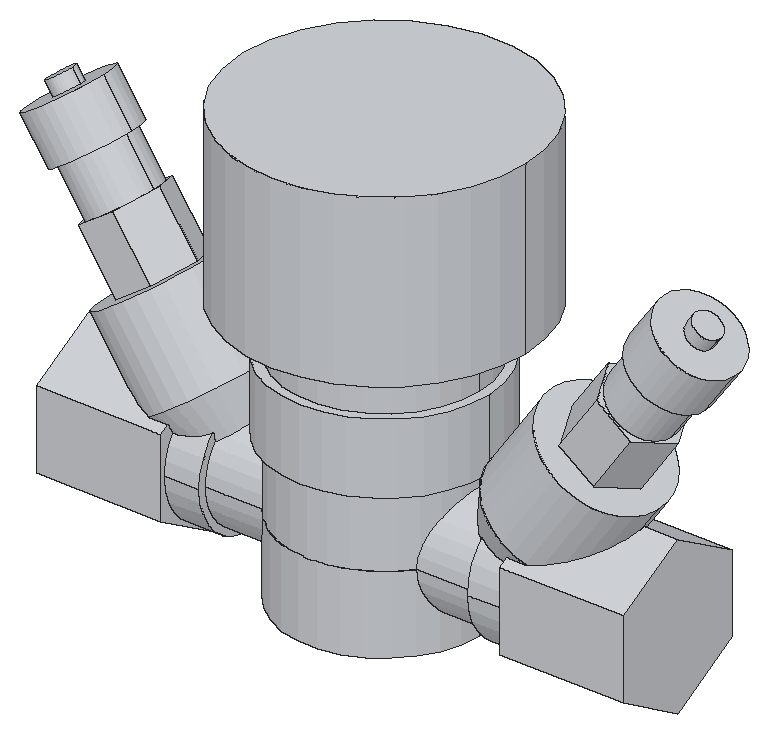
Revit family "D9525-DN15NF-RFA2018", category Pipe Accessories, Revit 2018
Family settings
  Round Connector Dimension = Use Diameter
  Part Type = Valve - Breaks Into
  Work Plane-Based = No
  Always vertical = Yes
  Cut with Voids When Loaded = No
  Shared = No
Parameters (values of type "9525 DN15 NF")
  magiProductId = "38bc2a49e75f44a19550cf5c31e8d8"
  magiProductFamilyId = "ec630ab62332464eb6277f46734e39"
  magiPartTypeId = 304
  isMeasuringValve [instance] = no
  ang2D [instance] = 0.00°
  ZZ = 10.076 mm
  ZN = 2 mm
  ZB1 = 9 mm
  ZB = 11 mm
  Z11 = 7 mm
  Z1 = 10 mm
  X0 = 18 mm
  W2D = 15 mm
  VersionID = "2.0/2019.5.23.1/VIR_9525_201"
  VIS0 = no
  V22 = 15.7 mm
  V2 = 17.8 mm
  V = 40 mm
  Use Minimum Symbol Size [instance] = no
  URL = "www.hydronix.cz"
  Type Comments = "závitový; PN10 (-10~+120°C) nebo PN20 (-10~+80°C)"
  RT = 2 mm
  RN = 11 mm
  R9 = 5 mm
  R8 = 6 mm
  R3 = 9 mm
  R2 = 8 mm
  R11 = 4.5 mm
  R1 = 9 mm
  R = 7.5 mm
  QmdConnectorList = "301;D;302;D"
  Productdata [instance] = ""
  Manufacturer = "Hydronix"
  MC Product Code = "9525 015 (D9525 DN15NF; kvs=1,83)"
  MC Piping Given Pressure Drop [instance] = 0.0 Pa
  MC Enable LOD 350 = no
  MC Enable LOD 200 = no
  MC Constant Outlet Pressure [instance] = 0.0 Pa
  L_2 = 41.5 mm
  LLDONLY = not(BBVIS)  # yes
  LLDAndHLD = and(or(LLDONLY, MC Enable LOD 350), not(BBVIS))  # yes
  LC = 9.8 mm
  L3 = 22.5 mm
  L2__ve = -L2  # -5 mm
  L2D_Min = 30.48 mm
  L2D = 83 mm
  L2 = 5 mm
  L1__ve = -L1  # -17.5 mm
  L1 = 17.5 mm
  L = 83 mm
  I4 = 26.585 mm
  I3 = 44.585 mm
  I2 = 49.5 mm
  I = 99 mm
  HBTR = 6.952 mm
  HBT3 = 6.952 mm
  HBT2 = 9.27 mm
  HBT11 = 13.099 mm
  HBT1 = 23.175 mm
  HBT = 46.35 mm
  HB = 51 mm
  ENBL350 = and(MC Enable LOD 350, not(BBVIS))  # no
  Description = "Ruční vyvažovací a 2-cestný regulační ventil závitový; bronzový; DN15NF; kvs1,83"
  DB11 = 25.65 mm
  DB1 = 29.7 mm
  DB = 27 mm
  D = 15 mm
  CenSd_RN_6 = RN * cos(30.00°)  # 9.526 mm
  CenSd_R8_6 = R8 * cos(30.00°)  # 5.196 mm
  CAT0 = yes
  CAT = no
  BBVIS = MC Enable LOD 200  # no
Types (4, lengths in mm): name | magiProductId | ZZ | ZB1 | ZB | Z11 | Z1 | W2D | RN | R3 | R2 | R | MC Product Code | L_2 | L2D | L | I4 | I3 | I2 | I | HBTR | HBT3 | HBT2 | HBT11 | HBT1 | HBT | HB | Description | DB11 | DB1 | DB | D | CenSd_RN_6
  9525 DN15 NF | "38bc2a49e75f44a19550cf5c31e8d8" | 10.076 | 9 | 11 | 7 | 10 | 15 | 11 | 9 | 8 | 7.5 | "9525 015 (D9525 DN15NF; kvs=1,83)" | 41.5 | 83 | 83 | 26.585 | 44.585 | 49.5 | 99 | 6.952 | 6.952 | 9.27 | 13.099 | 23.175 | 46.35 | 51 | "Ruční vyvažovací a 2-cestný regulační ventil závitový; bronzový; DN15NF; kvs1,83" | 25.65 | 29.7 | 27 | 15 | 9.526
  9525 DN15 LF | "0f0d3c44fff84d33bcc3edb98b3d66" | 10.076 | 9 | 11 | 7 | 10 | 15 | 11 | 9 | 8 | 7.5 | "9525 014 (D9525 DN15LF; kvs=0,86)" | 41.5 | 83 | 83 | 26.585 | 44.585 | 49.5 | 99 | 6.952 | 6.952 | 9.27 | 13.099 | 23.175 | 46.35 | 51 | "Ruční vyvažovací a 2-cestný regulační ventil závitový; bronzový; DN15LF; kvs0,86" | 25.65 | 29.7 | 27 | 15 | 9.526
  9525 DN20 | "da587af331304b45b3ec03b8fa0f34" | 11.213 | 12.667 | 14.667 | 7 | 10 | 20 | 14.667 | 12 | 10.667 | 10 | "9525 020 (D9525 DN20; kvs=3,47)" | 45 | 90 | 90 | 29.585 | 47.585 | 52.5 | 105 | 7.737 | 7.737 | 10.316 | 14.577 | 25.79 | 51.58 | 51 | "Ruční vyvažovací a 2-cestný regulační ventil závitový; bronzový; DN20; kvs3,47" | 27.813 | 32.205 | 29.277 | 20 | 12.702
  9525 DN25 | "1f5bab54bc3c45cdac322ce9a95cfe" | 11.971 | 16.333 | 18.333 | 9.745 | 13.922 | 25 | 18.333 | 15 | 13.333 | 12.5 | "9525 025 (D9525 DN25; kvs=6,30)" | 49 | 98 | 98 | 31.585 | 49.585 | 54.5 | 109 | 8.26 | 8.26 | 11.013 | 15.562 | 27.533 | 55.067 | 71 | "Ruční vyvažovací a 2-cestný regulační ventil závitový; bronzový; DN25; kvs6,30" | 30.286 | 35.067 | 31.88 | 25 | 15.877
Reference planes
  plane 1 "Center (Front/Back)": y = 0
  plane 2 "XYPLANE": z = 0
  plane 3 "Center (Left/Right)": x = 0
  plane 4 "506": x = -2.2
  plane 5 "476": through (-590.585, 0, 438.436) normal (0.5736, 0, 0.8192)
  plane 6 "473": through (-638.143, 0, -421.929) normal (-0.5736, 0, 0.8192)
  plane 7 "470": z = -9
  plane 8 "442": x = 49.5
  plane 9 "441": x = -49.5
  plane 10 "440": y = 20
  plane 11 "439": y = -20
  plane 12 "438": z = -11
  plane 13 "436": through (-569.779, 0, 468.15) normal (0.5736, 0, 0.8192)
  plane 14 "435": through (-573.767, 0, 462.455) normal (0.5736, 0, 0.8192)
  plane 15 "434": through (-577.754, 0, 456.76) normal (0.5736, 0, 0.8192)
  plane 16 "433": through (-583.071, 0, 449.166) normal (0.5736, 0, 0.8192)
  plane 17 "422": through (-658.949, 0, -392.215) normal (-0.5736, 0, 0.8192)
  plane 18 "419": through (-654.961, 0, -397.91) normal (-0.5736, 0, 0.8192)
  plane 19 "416": through (-650.974, 0, -403.605) normal (-0.5736, 0, 0.8192)
  plane 20 "413": through (-645.657, 0, -411.199) normal (-0.5736, 0, 0.8192)
  plane 21 "400": z = 35.2
  plane 22 "397": z = 33.2
  plane 23 "396": z = 51
  plane 24 "395": z = 27
  plane 25 "394": x = -20
  plane 26 "393": x = -0.2
  plane 27 "390": z = 20
  plane 28 "387": z = 10
  plane 29 "369": x = -18
  plane 30 "368": x = 18
  plane 31 "364": z = -11
  plane 32 "356": y = 0
  plane 33 "355": through (-448.182, 0, 614.364) normal (0.8192, 0, 0.5736)
  plane 34 "353": through (-632.364, 0, -430.182) normal (-0.5736, 0, 0.8192)
  plane 35 "328": y = 0
  plane 36 "157": x = 19
  plane 37 "70": through (-596.364, 0, 430.182) normal (0.5736, 0, 0.8192)
  plane 38 "68": through (448.182, 0, 614.364) normal (0.8192, 0, -0.5736)
  plane 39 "21": x = -19
  plane 40 "20": x = 24
  plane 41 "19": x = -24
  plane 42 "13": x = 0
  plane 43 "11": x = 41.5
  plane 44 "10": x = -41.5
  plane 45 "9": y = 0
  plane 46 "8": z = 0
  plane 47 "340XY": through (-632.364, 0, -430.182) normal (-0.5736, 0, 0.8192)
  plane 48 "340XZ": y = 0
  plane 49 "340YZ": through (-448.182, 0, 614.364) normal (0.8192, 0, 0.5736)
  plane 50 "65XY": through (-596.364, 0, 430.182) normal (0.5736, 0, 0.8192)
  plane 51 "65XZ": y = 0
  plane 52 "65YZ": through (448.182, 0, 614.364) normal (0.8192, 0, -0.5736)
Forms (mm)
  Extrusion 1, solid, visible <- "LLDAndHLD"
    sketch origin (-583.071, 0, 449.166) x (0.819152, 0, -0.573576) y (0, 1, 0)
      loop
        line (756, 0) -> (753, 5.196) -> (747, 5.196) -> (744, 0) -> (747, -5.196) -> (753, -5.196) -> (756, 0)
    from 0 to 9.27 <- "HBT2"
  Extrusion 2, solid, visible <- "LLDAndHLD"
    sketch origin (-645.657, 0, -411.199) x (0.819152, 0, 0.573576) y (0, 1, 0)
      loop
        line (756, 0) -> (753, 5.196) -> (747, 5.196) -> (744, 0) -> (747, -5.196) -> (753, -5.196) -> (756, 0)
    from 0 to 9.27 <- "HBT2"
  Blend 3, solid, visible <- "LLDAndHLD"
    base sketch origin (-596.364, 0, 430.182) x (0.819152, 0, -0.573576) y (0, 1, 0)
      loop
        circle (750, 0) r 4.5
    top sketch origin (-596.364, 0, 430.182) x (0.819152, 0, -0.573576) y (0, 1, 0)
      loop
        circle (750, 0) r 9
    from 0 to 10.076
  Blend 4, solid, visible <- "LLDAndHLD"
    base sketch origin (-638.143, 0, -421.929) x (0.819152, 0, 0.573576) y (0, 1, 0)
      loop
        circle (750, 0) r 9
    top sketch origin (-638.143, 0, -421.929) x (0.819152, 0, 0.573576) y (0, 1, 0)
      loop
        circle (750, 0) r 4.5
    from 0 to -10.076
  Blend 5, solid, visible <- "ENBL350"
    base sketch origin (-750, 0, -9) x (1, 0, 0) y (0, 1, 0)
      loop
        circle (750, 0) r 13.5
    top sketch origin (-750, 0, -9) x (1, 0, 0) y (0, 1, 0)
      loop
        circle (750, 0) r 12.825
    from 0 to -2
  Extrusion 6, solid, visible <- "ENBL350"
    sketch origin (-750, 0, -9) x (1, 0, 0) y (0, 1, 0)
      loop
        circle (750, 0) r 13.5
    from 0 to 9 <- "ZB1"
  Blend 7, solid, visible <- "BBVIS"
    base sketch origin (-750, 0, -11) x (1, 0, 0) y (0, 1, 0)
      loop
        line (700.5, -20) -> (799.5, -20) -> (799.5, 20) -> (700.5, 20) -> (700.5, -20)
    top sketch origin (-750, 0, -11) x (1, 0, 0) y (0, 1, 0)
      loop
        line (700.5, -20) -> (799.5, -20) -> (799.5, 20) -> (700.5, 20) -> (700.5, -20)
    from 0 to 62
  Blend 8, solid, visible <- "LLDONLY"
    base sketch origin (-750, 0, 27) x (1, 0, 0) y (0, 1, 0)
      loop
        circle (750, 0) r 20
    top sketch origin (-750, 0, 27) x (1, 0, 0) y (0, 1, 0)
      loop
        circle (750, 0) r 20
    from 0 to 24
  Extrusion 9, solid, visible <- "LLDAndHLD"
    sketch origin (-590.585, 0, 438.436) x (0.819152, 0, -0.573576) y (0, 1, 0)
      loop
        circle (750, 0) r 9
    from 0 to 13.099 <- "HBT11"
  Extrusion 10, solid, visible <- "LLDAndHLD"
    sketch origin (-577.754, 0, 456.76) x (0.819152, 0, -0.573576) y (0, 1, 0)
      loop
        circle (750, 0) r 5
    from 0 to 6.952 <- "HBT3"
  Extrusion 11, solid, visible <- "LLDAndHLD"
    sketch origin (-573.767, 0, 462.455) x (0.819152, 0, -0.573576) y (0, 1, 0)
      loop
        circle (750, 0) r 6
    from 0 to 6.952 <- "HBTR"
  Extrusion 12, solid, visible <- "LLDAndHLD"
    sketch origin (-569.779, 0, 468.15) x (0.819152, 0, -0.573576) y (0, 1, 0)
      loop
        circle (750, 0) r 2
    from 0 to 2
  Extrusion 13, solid, visible <- "LLDAndHLD"
    sketch origin (-658.949, 0, -392.215) x (0.819152, 0, 0.573576) y (0, 1, 0)
      loop
        circle (750, 0) r 2
    from 0 to 2
  Extrusion 14, solid, visible <- "LLDAndHLD"
    sketch origin (-654.961, 0, -397.91) x (0.819152, 0, 0.573576) y (0, 1, 0)
      loop
        circle (750, 0) r 6
    from 0 to 6.952 <- "HBTR"
  Extrusion 15, solid, visible <- "LLDAndHLD"
    sketch origin (-650.974, 0, -403.605) x (0.819152, 0, 0.573576) y (0, 1, 0)
      loop
        circle (750, 0) r 5
    from 0 to 6.952 <- "HBT3"
  Extrusion 16, solid, visible <- "LLDAndHLD"
    sketch origin (-638.143, 0, -421.929) x (0.819152, 0, 0.573576) y (0, 1, 0)
      loop
        circle (750, 0) r 9
    from 0 to 13.099 <- "HBT11"
  Revolve 17, solid, visible <- "ENBL350"
    sketch origin (-0.2, 0, 27) x (0, 0, -1) y (1, 0, 0)
      loop
        line (0, 0) -> (-24, 0) -> (-24, -2) -> (-24, -4.1)
        arc (-24, -4.1) -> (-19.402, -15.202) -> (-8.3, -19.8) r 15.7
        line (-8.3, -19.8) -> (0, -19.8) -> (0, -2) -> (0, 0)
      axis (-24, 0.2) -> (0, 0.2)
    angle from 0 to -360
  Extrusion 18, solid, visible <- "LLDAndHLD"
    sketch origin (-750, 0, 20) x (1, 0, 0) y (0, 1, 0)
      loop
        circle (750, 0) r 13.5
    from 0 to 7 <- "Z11"
  Extrusion 19, solid, visible <- "LLDAndHLD"
    sketch origin (-750, 0, 10) x (1, 0, 0) y (0, 1, 0)
      loop
        circle (750, 0) r 14.85
    from 0 to 10 <- "Z1"
  Blend 20, solid, visible <- "LLDAndHLD"
    base sketch origin (-19, -750, 0) x (0, 1, 0) y (0, 0, 1)
      loop
        circle (750, 0) r 8
    top sketch origin (-19, -750, 0) x (0, 1, 0) y (0, 0, 1)
      loop
        circle (750, 0) r 8
    from 0 to 38
  Extrusion 21, solid, visible <- "LLDAndHLD"
    sketch origin (-750, 0, 0) x (1, 0, 0) y (0, 1, 0)
      loop
        circle (750, 0) r 13.5
    from 0 to 10 <- "Z1"
  Extrusion 22, solid, visible <- "LLDONLY"
    sketch origin (-750, 0, -11) x (1, 0, 0) y (0, 1, 0)
      loop
        circle (750, 0) r 13.5
    from 0 to 11 <- "ZB"
  Extrusion 23, solid, visible <- "LLDAndHLD"
    sketch origin (19, -750, 0) x (0, 1, 0) y (0, 0, 1)
      loop
        circle (750, 0) r 9
    from 0 to 5 <- "L2"
  Extrusion 24, solid, visible <- "LLDAndHLD"
    sketch origin (-19, -750, 0) x (0, 1, 0) y (0, 0, 1)
      loop
        circle (750, 0) r 9
    from 0 to -5 <- "L2__ve"
  Extrusion 25, solid, visible <- "LLDAndHLD"
    sketch origin (41.5, -750, 0) x (0, 1, 0) y (0, 0, 1)
      loop
        line (750, 11) -> (740.474, 5.5) -> (740.474, -5.5) -> (750, -11) -> (759.526, -5.5) -> (759.526, 5.5) -> (750, 11)
    from 0 to -17.5 <- "L1__ve"
  Extrusion 26, solid, visible <- "LLDAndHLD"
    sketch origin (-41.5, -750, 0) x (0, 1, 0) y (0, 0, 1)
      loop
        line (750, 11) -> (740.474, 5.5) -> (740.474, -5.5) -> (750, -11) -> (759.526, -5.5) -> (759.526, 5.5) -> (750, 11)
    from 0 to 17.5 <- "L1"
  Extrusion 27, solid, not visible
    sketch origin (41.5, -750, 0) x (0, 1, 0) y (0, 0, 1)
      loop
        circle (750, 0) r 10
    from 0 to -10
  Extrusion 28, solid, not visible
    sketch origin (-41.5, -750, 0) x (0, 1, 0) y (0, 0, 1)
      loop
        circle (750, 0) r 10
    from 0 to 10
Lines and regions (mm)
  reference lines, not visible
    curve 1: circle (2, 2, 0) r 1 normal (0, 0, 1)
  reference lines
    curve 2: line (31.293, 0, 18.984) -> (30.064, 2.598, 19.844)
    curve 3: line (31.293, 0, 18.984) -> (28.835, 0, 20.704)
    curve 4: line (31.293, 0, 18.984) -> (30.064, -2.598, 19.844)
    curve 5: line (-31.293, 0, 18.984) -> (-32.521, 2.598, 18.123)
    curve 6: line (-31.293, 0, 18.984) -> (-33.75, 0, 17.263)
    curve 7: line (-31.293, 0, 18.984) -> (-32.521, -2.598, 18.123)
    curve 8: line (41.5, 0, 0) -> (41.5, -4.763, -2.75)
    curve 9: line (41.5, 0, 0) -> (41.5, 0, -5.5)
    curve 10: line (41.5, 0, 0) -> (41.5, 4.763, -2.75)
    curve 11: line (-41.5, 0, 0) -> (-41.5, 4.763, -2.75)
    curve 12: line (-41.5, 0, 0) -> (-41.5, 0, -5.5)
    curve 13: line (-41.5, 0, 0) -> (-41.5, -4.763, -2.75)
Dimensions and locks
  plane 1 "Center (Front/Back)" to curve 1 = 2 mm
  locked: plane 26 "393" to plane 4 "506" at 2
  "ZZ": plane 37 "70" to plane 5 "476"
  "ZZ": plane 34 "353" to plane 6 "473"
  locked: plane 31 "364" to plane 7 "470" at 2
  "I2": plane 42 "13" to plane 8 "442"
  "I2": plane 42 "13" to plane 9 "441"
  "V": plane 11 "439" to plane 10 "440"
  locked: plane 45 "9" to plane 11 "439" at 20
  "RN": plane 46 "8" to plane 12 "438"
  "HBTR": plane 14 "435" to plane 13 "436"
  "HBT3": plane 15 "434" to plane 14 "435"
  "HBT2": plane 16 "433" to plane 15 "434"
  "HBT1": plane 37 "70" to plane 16 "433"
  "HBTR": plane 18 "419" to plane 17 "422"
  "HBT3": plane 19 "416" to plane 18 "419"
  "HBT2": plane 20 "413" to plane 19 "416"
  "HBT1": plane 34 "353" to plane 20 "413"
  "ZN": plane 22 "397" to plane 21 "400"
  "V2": plane 23 "396" to plane 22 "397"
  "HB": plane 2 "XYPLANE" to plane 23 "396"
  "Z11": plane 27 "390" to plane 24 "395"
  "V2": plane 4 "506" to plane 25 "394"
  locked: plane 42 "13" to plane 26 "393" at 0.2
  "Z1": plane 28 "387" to plane 27 "390"
  "Z1": plane 2 "XYPLANE" to plane 28 "387"
  "X0": plane 3 "Center (Left/Right)" to plane 29 "369"
  "X0": plane 3 "Center (Left/Right)" to plane 30 "368"
  "ZB": plane 2 "XYPLANE" to plane 31 "364"
  locked: plane 45 "9" to plane 32 "356"
  locked: plane 49 "340YZ" to plane 33 "355"
  locked: plane 47 "340XY" to plane 34 "353" at 0
  locked: plane 45 "9" to plane 35 "328"
  "L2": plane 40 "20" to plane 36 "157"
  locked: plane 50 "65XY" to plane 37 "70"
  locked: plane 52 "65YZ" to plane 38 "68"
  "L2": plane 41 "19" to plane 39 "21"
  "L1": plane 43 "11" to plane 40 "20"
  "L1": plane 44 "10" to plane 41 "19"
  locked: plane 3 "Center (Left/Right)" to plane 42 "13"
  "L_2": plane 3 "Center (Left/Right)" to plane 43 "11"
  "L_2": plane 3 "Center (Left/Right)" to plane 44 "10"
  locked: plane 1 "Center (Front/Back)" to plane 45 "9"
  locked: plane 2 "XYPLANE" to plane 46 "8"
  "CenSd_R8_6": curve 2 to Extrusion 1 sketch curve  (x2)
  "CenSd_R8_6": curve 3 to Extrusion 1 sketch curve  (x2)
  "CenSd_R8_6": curve 4 to Extrusion 1 sketch curve  (x2)
  Extrusion 1 sketch curve to Extrusion 1 sketch curve = 0 mm  (x12)
  "CenSd_R8_6": curve 5 to Extrusion 2 sketch curve  (x2)
  "CenSd_R8_6": curve 6 to Extrusion 2 sketch curve  (x2)
  "CenSd_R8_6": curve 7 to Extrusion 2 sketch curve  (x2)
  Extrusion 2 sketch curve to Extrusion 2 sketch curve = 0 mm  (x12)
  Blend 7 sketch curve to Blend 7 sketch curve = 0 mm  (x16)
  Revolve 17 sketch curve to Revolve 17 sketch curve = 0 mm  (x14)
  "CenSd_RN_6": curve 8 to Extrusion 25 sketch curve  (x2)
  "CenSd_RN_6": curve 9 to Extrusion 25 sketch curve  (x2)
  "CenSd_RN_6": curve 10 to Extrusion 25 sketch curve  (x2)
  Extrusion 25 sketch curve to Extrusion 25 sketch curve = 0 mm  (x12)
  "CenSd_RN_6": curve 11 to Extrusion 26 sketch curve  (x2)
  "CenSd_RN_6": curve 12 to Extrusion 26 sketch curve  (x2)
  "CenSd_RN_6": curve 13 to Extrusion 26 sketch curve  (x2)
  Extrusion 26 sketch curve to Extrusion 26 sketch curve = 0 mm  (x12)
  "R1": radius of Blend 3 sketch curve
  "R11": radius of Blend 3 sketch curve
  "R11": radius of Blend 4 sketch curve
  "R1": radius of Blend 4 sketch curve
  "DB11": diameter of Blend 5 sketch curve
  "DB": diameter of Blend 5 sketch curve
  "DB": diameter of Extrusion 6 sketch curve
  "V": diameter of Blend 8 sketch curve  (x2)
  "R1": radius of Extrusion 9 sketch curve
  "R9": radius of Extrusion 10 sketch curve
  "R8": radius of Extrusion 11 sketch curve
  "RT": radius of Extrusion 12 sketch curve
  "RT": radius of Extrusion 13 sketch curve
  "R8": radius of Extrusion 14 sketch curve
  "R9": radius of Extrusion 15 sketch curve
  "R1": radius of Extrusion 16 sketch curve
  "V22": radius of Revolve 17 sketch curve
  "DB": diameter of Extrusion 18 sketch curve
  "DB1": diameter of Extrusion 19 sketch curve
  "R2": radius of Blend 20 sketch curve  (x2)
  "DB": diameter of Extrusion 21 sketch curve
  "DB": diameter of Extrusion 22 sketch curve
  "R3": radius of Extrusion 23 sketch curve
  "R3": radius of Extrusion 24 sketch curve
  locked: curve 3 to curve 2 (angle 60.00°)
  locked: curve 4 to curve 3 (angle 60.00°)
  locked: curve 4 to curve 2 (angle 120.00°)
  locked: curve 6 to curve 5 (angle 60.00°)
  locked: curve 7 to curve 6 (angle 60.00°)
  locked: curve 7 to curve 5 (angle 120.00°)
  locked: curve 9 to curve 8 (angle 60.00°)
  locked: curve 10 to curve 9 (angle 60.00°)
  locked: curve 10 to curve 8 (angle 120.00°)
  locked: curve 12 to curve 11 (angle 60.00°)
  locked: curve 13 to curve 12 (angle 60.00°)
  locked: curve 13 to curve 11 (angle 120.00°)
  aligned and locked: level to plane 2 "XYPLANE"
  aligned and locked: curve 2 to plane 38 "68"
  aligned and locked: plane 35 "328" to curve 3
  aligned and locked: curve 5 to plane 33 "355"
  aligned and locked: plane 32 "356" to curve 6
  aligned and locked: plane 35 "328" to Blend 3 sketch curve  (x2)
  aligned and locked: Blend 3 sketch curve to plane 38 "68"  (x2)
  aligned and locked: plane 5 "476" to Blend 3
  aligned and locked: plane 32 "356" to Blend 4 sketch curve  (x2)
  aligned and locked: Blend 4 sketch curve to plane 33 "355"  (x2)
  aligned and locked: Blend 4 to plane 34 "353"
  aligned and locked: plane 42 "13" to Blend 5 sketch curve  (x2)
  aligned and locked: plane 45 "9" to Blend 5 sketch curve  (x2)
  aligned and locked: Blend 5 to plane 31 "364"
  aligned and locked: plane 42 "13" to Extrusion 6 sketch curve
  aligned and locked: plane 45 "9" to Extrusion 6 sketch curve
  aligned and locked: plane 9 "441" to Blend 7 sketch curve  (x4)
  aligned and locked: plane 11 "439" to Blend 7 sketch curve  (x4)
  aligned and locked: plane 10 "440" to Blend 7 sketch curve  (x4)
  aligned and locked: plane 8 "442" to Blend 7 sketch curve  (x4)
  aligned and locked: plane 23 "396" to Blend 7
  aligned and locked: plane 42 "13" to Blend 8 sketch curve  (x2)
  aligned and locked: plane 45 "9" to Blend 8 sketch curve  (x2)
  aligned and locked: plane 23 "396" to Blend 8
  aligned and locked: plane 35 "328" to Extrusion 9 sketch curve
  aligned and locked: Extrusion 9 sketch curve to plane 38 "68"
  aligned and locked: plane 35 "328" to Extrusion 10 sketch curve
  aligned and locked: Extrusion 10 sketch curve to plane 38 "68"
  aligned and locked: plane 35 "328" to Extrusion 11 sketch curve
  aligned and locked: Extrusion 11 sketch curve to plane 38 "68"
  aligned and locked: plane 35 "328" to Extrusion 12 sketch curve
  aligned and locked: Extrusion 12 sketch curve to plane 38 "68"
  aligned and locked: plane 32 "356" to Extrusion 13 sketch curve
  aligned and locked: Extrusion 13 sketch curve to plane 33 "355"
  aligned and locked: plane 32 "356" to Extrusion 14 sketch curve
  aligned and locked: Extrusion 14 sketch curve to plane 33 "355"
  aligned and locked: plane 32 "356" to Extrusion 15 sketch curve
  aligned and locked: Extrusion 15 sketch curve to plane 33 "355"
  aligned and locked: plane 32 "356" to Extrusion 16 sketch curve
  aligned and locked: Extrusion 16 sketch curve to plane 33 "355"
  aligned and locked: plane 26 "393" to Revolve 17 sketch curve  (x2)
  aligned and locked: plane 24 "395" to Revolve 17 sketch curve  (x3)
  aligned and locked: plane 23 "396" to Revolve 17 sketch curve  (x3)
  aligned and locked: plane 4 "506" to Revolve 17 sketch curve  (x2)
  aligned and locked: Revolve 17 sketch curve to plane 25 "394"
  aligned and locked: plane 25 "394" to Revolve 17 sketch curve
  aligned and locked: Revolve 17 sketch curve to plane 24 "395"
  aligned and locked: plane 42 "13" to Extrusion 18 sketch curve
  aligned and locked: plane 45 "9" to Extrusion 18 sketch curve
  aligned and locked: plane 42 "13" to Extrusion 19 sketch curve
  aligned and locked: plane 45 "9" to Extrusion 19 sketch curve
  aligned and locked: Blend 20 sketch curve to plane 45 "9"  (x2)
  aligned and locked: plane 46 "8" to Blend 20 sketch curve  (x2)
  aligned and locked: plane 36 "157" to Blend 20
  aligned and locked: plane 42 "13" to Extrusion 21 sketch curve
  aligned and locked: plane 45 "9" to Extrusion 21 sketch curve
  aligned and locked: plane 42 "13" to Extrusion 22 sketch curve
  aligned and locked: plane 45 "9" to Extrusion 22 sketch curve
  aligned and locked: Extrusion 23 sketch curve to plane 45 "9"
  aligned and locked: plane 46 "8" to Extrusion 23 sketch curve
  aligned and locked: Extrusion 24 sketch curve to plane 45 "9"
  aligned and locked: plane 46 "8" to Extrusion 24 sketch curve
  aligned and locked: curve 10 to plane 45 "9"
  aligned and locked: plane 46 "8" to curve 10
  aligned and locked: curve 13 to plane 45 "9"
  aligned and locked: plane 46 "8" to curve 13
  aligned and locked: Extrusion 27 sketch curve to plane 45 "9"
  aligned and locked: plane 46 "8" to Extrusion 27 sketch curve
  aligned and locked: Extrusion 28 sketch curve to plane 45 "9"
  aligned and locked: plane 46 "8" to Extrusion 28 sketch curve
  aligned and locked: plane 42 "13" to nested 1
  aligned and locked: plane 45 "9" to nested 1
Automatic sketch dimensions
  plane 1 "Center (Front/Back)" to Extrusion 27 sketch curve = 10 mm
  plane 1 "Center (Front/Back)" to Extrusion 28 sketch curve = 10 mm
  plane 3 "Center (Left/Right)" to curve 1 = 2 mm
  Revolve 17 sketch curve to plane 3 "Center (Left/Right)" = 0 mm
  radius of curve 1 = 1 mm
Nested families
  nested 1: "2_RadialArray" at (0, 0, 35.2), LC <- "LC", type "Family21"
    with X 11 mm, StartAngle 90.00°, SW 5 mm, SH 13 mm, NumberOfObjects 6, ModelLinesVisible no, LC 9.8 mm, ArcAngle 360.00°
Connectors
  piping at (-41.5, 0, 0), diameter 15, driven by "D"
    settings: on Extrusion 28, index 1, connector inside diameter 609.6 mm, connector length 0 mm, flow factor 0, pipe flow 0.0 L/s, pressure drop 0.0 Pa, fitting loss kfactor 0, connector angle 0.00°, fixture units 0, engagement length 0 mm, angle of deflection 0.00°, flow configuration 0, flow direction 0, fitting loss method 0, system type 29, joint type 0, gender type 0, connector reference index 2, connector utility 0, adjustable connector no, is connector primary yes, connector description ""
  piping at (41.5, 0, 0), diameter 15, driven by "D"
    settings: on Extrusion 27, index 2, connector inside diameter 609.6 mm, connector length 0 mm, flow factor 0, pipe flow 0.0 L/s, pressure drop 0.0 Pa, fitting loss kfactor 0, connector angle 0.00°, fixture units 0, engagement length 0 mm, angle of deflection 0.00°, flow configuration 0, flow direction 0, fitting loss method 0, system type 29, joint type 0, gender type 0, connector reference index 1, connector utility 0, adjustable connector no, is connector primary no, connector description ""
